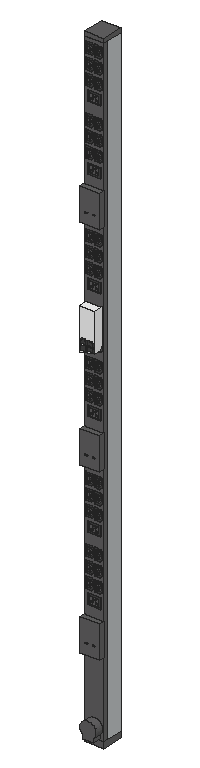
Revit family "Metered PDU 0U", category Installations électriques, Revit 2020
Family settings
  Conserver l'orientation des annotations = Non
  Cote de connecteur circulaire = Utiliser le diamètre
  Type d'élément = Normal
  Numéro OmniClass = 23.80.00.00
  Titre OmniClass = Electric Power and Lighting
  Basée sur le plan de construction = Non
  Toujours verticalement = Oui
  Couper avec des vides une fois chargée = Non
  Partagée = Non
  Point de calcul de pièce = Non
Parameters (values of type "PDU MN 0U 3P 32A 36xC13+6xC19")
  type of voltage = "AC"  # constant formula
  Width (mm) = 52 mm
  Type of electric connection = "CEE 32 A"
  Terminal marking indication = no
  Supply current = "32-32"
  Standby consumption = 0 mA
  RAL Number = "9017"  # constant formula
  Programming way = "Appli Web"  # constant formula
  Profondeur cuve + capot = 57.5 mm
  Prise_alimentation = Alimentation : Prise rotative
  Power frequency = "50-50"  # constant formula
  Position base_node = 942.4 mm
  Number of phases = 3
  Number of MCB = 6
  Number of C19 outlets = 6
  Number of C13 outlets = 36
  Mounting direction = "Vertical"  # constant formula
  Length = 1710 mm
  Legrand part number = "LG-646117"
  IP = "IP40"
  GTIN = "3414972245791"
  Function = "Unit DE DISTRIBUTION D'ENERGIE"  # constant formula
  Fabricant = "LEGRAND"  # constant formula
  Elévation par défaut = 0 mm
  E-catalogue link = "https://www.legrand.fr/reference/646117/pro"
  Description = "PDU HD metered node 0U 3 phase 32A 36+6 C13/C19 locking outlets IEC 60309"
  Depth (mm) = 91.4 mm
  Connectable by internet box = yes
  Color = "Black"  # constant formula
  Cable cross section MIN_MAX = "6-6"
  Base_Node = Base_Node : Node HD
  BIM wording = "Linkeo DATA CENTER BASIC PDU"  # constant formula
  Application class = "EC002762"  # constant formula
  646116_646117 = yes
  646114_646115 = no
  646112_646113 = no
  646110_646111 = no
  646108_646109 = no
  646106_646107 = no
  646104_646105 = no
  646102_646103 = no
Reference planes
  plane 1 "Centre (avant/arrière)": y = 0
  plane 2: z = 0
  plane 3 "Centre (gauche/droite)": x = 0
  plane 4: x = -26
  plane 5: x = 26
  plane 6: y = -57.5
  plane 7: z = 1710
  plane 8: y = -47.5
  plane 9: z = 1699
  plane 10: z = 15
  plane 11: z = 942.4
Forms (mm)
  Extrusion 1, solid, material "LEGRAND - Noir 9017"
    sketch origin (0, 0, 0) x (1, 0, 0) y (0, 1, 0)
      loop
        line (-26, 0) -> (-26, -57.5) -> (26, -57.5) -> (26, 0) -> (-26, 0)
    from 0 to 15
  Extrusion 2, solid, material "LEGRAND - Inox"
    sketch origin (0, 0, 0) x (1, 0, 0) y (0, 1, 0)
      loop
        line (-26, 0) -> (-26, -47.5) -> (26, -47.5) -> (26, 0) -> (-26, 0)
    from 15 to 1699
  Extrusion 3, solid, material "LEGRAND - Noir 9017"
    sketch origin (0, 0, 0) x (1, 0, 0) y (0, 1, 0)
      loop
        line (-26, -47.5) -> (-26, -57.5) -> (26, -57.5) -> (26, -47.5) -> (-26, -47.5)
    from 15 to 1699
  Extrusion 4, solid, material "LEGRAND - Noir 9017"
    sketch origin (0, 0, 0) x (1, 0, 0) y (0, 1, 0)
      loop
        line (-26, 0) -> (-26, -57.5) -> (26, -57.5) -> (26, 0) -> (-26, 0)
    from 1699 to 1710
Dimensions and locks
  equal spacing: plane 5, plane 3 "Centre (gauche/droite)", plane 4
  "Width (mm)": plane 5 to plane 4
  "Profondeur cuve + capot": plane 6 to plane 1 "Centre (avant/arrière)"
  locked: plane 8 to plane 6 at 10
  locked: plane 7 to plane 9 at 11
  locked: plane 10 to plane 2 at 15
  "Length": plane 7 to plane 2
  "Position base_node": plane 11 to plane 2
  aligned and locked: level to plane 2
  aligned and locked: plane 1 "Centre (avant/arrière)" to Extrusion 1 sketch curve
  aligned and locked: Extrusion 1 sketch curve to plane 5
  aligned and locked: plane 4 to Extrusion 1 sketch curve
  aligned and locked: plane 1 "Centre (avant/arrière)" to Extrusion 2 sketch curve
  aligned and locked: Extrusion 2 sketch curve to plane 5
  aligned and locked: plane 8 to Extrusion 2 sketch curve
  aligned and locked: plane 4 to Extrusion 2 sketch curve
  aligned and locked: plane 9 to Extrusion 2
  aligned and locked: plane 4 to Extrusion 3 sketch curve
  aligned and locked: Extrusion 3 sketch curve to plane 5
  aligned and locked: Extrusion 3 sketch curve to plane 8
  aligned and locked: plane 6 to Extrusion 3 sketch curve
  aligned and locked: plane 9 to Extrusion 3
  aligned and locked: plane 6 to Extrusion 1 sketch curve
  aligned and locked: plane 1 "Centre (avant/arrière)" to Extrusion 4 sketch curve
  aligned and locked: Extrusion 4 sketch curve to plane 5
  aligned and locked: plane 6 to Extrusion 4 sketch curve
  aligned and locked: plane 4 to Extrusion 4 sketch curve
  aligned and locked: plane 7 to Extrusion 4
  aligned and locked: Extrusion 4 to plane 9
  aligned and locked: nested 1 to plane 6
  aligned and locked: plane 3 "Centre (gauche/droite)" to nested 1
  aligned and locked: Extrusion 3 to plane 10
  aligned and locked: plane 10 to Extrusion 1
  aligned and locked: Extrusion 1 to plane 2
  aligned and locked: Extrusion 2 to plane 10
  aligned and locked: nested 2 to plane 6
  aligned and locked: plane 3 "Centre (gauche/droite)" to nested 2
  aligned and locked: nested 3 to plane 6
  aligned and locked: plane 3 "Centre (gauche/droite)" to nested 3
  aligned and locked: plane 11 to nested 3
Nested families
  nested 1: "Metered PDU_Prises" at (0, -57.5, 0), type "Metered PDU_Prises", detail levels fine
  nested 2: "Alimentation" at (0, -57.5, 0), type <- "Prise_alimentation", type "Prise rotative"
  nested 3: "Base_Node" at (0, -57.5, 935.753), type <- "Base_Node", type "Node HD"
Connectors
  electrical at (0, -28.75, 0)
    settings: on Extrusion 1, index 1, voltage 0 V, apparent load 0 VA, apparent load phase1 0 VA, apparent load phase2 0 VA, apparent load phase3 0 VA, power factor 1, load classification "Autre", number of poles 1, system type 31, power factor state 1, is connector primary yes, connector utility no, sub classification motor no, connector description ""
Definition of nested family "Metered PDU_Prises"
  Parameters (values of type "Metered PDU_Prises")
    Default Elevation = 0 mm
    646116_646117 = yes
    646114_646115 = no
    646112_646113 = no
    646110_646111 = no
    646108_646109 = no
    646106_646107 = no
    646104_646105 = no
    646102_646103 = no
  Reference planes
    plane 1 "Centre (avant/arrière)": y = 0
    plane 2: z = 0
    plane 3 "Centre (gauche/droite)": x = 0
    plane 4: x = -22.15
    plane 5: x = 22.15
    plane 6: x = 26
    plane 7: x = -26
  Lines and regions (mm)
    model lines, visible <- "646102_646103"
      curve 1: line (-22.15, 0, 999.899) -> (22.139, 0, 999.899)
      curve 2: line (-22.15, 0, 717.851) -> (22.139, 0, 717.851)
      curve 62: line (-22.15, 0, 900.576) -> (22.139, 0, 900.576)
      curve 63: line (-22.15, 0, 801.942) -> (22.139, 0, 801.942)
      curve 64: line (-22.15, 0, 486.781) -> (22.139, 0, 486.781)
      curve 65: line (-22.15, 0, 204.733) -> (22.139, 0, 204.733)
      curve 66: line (-22.15, 0, 586.104) -> (22.139, 0, 586.104)
      curve 67: line (-22.15, 0, 387.458) -> (22.139, 0, 387.458)
      curve 68: line (-22.15, 0, 288.824) -> (22.139, 0, 288.824)
      curve 69: line (-22.15, 0, 70.319) -> (22.139, 0, 70.319)
    model lines, visible <- "646104_646105"
      curve 3: line (-22.148, 0, 1203.535) -> (22.14, 0, 1203.535)
      curve 56: line (-22.148, 0, 223.304) -> (22.14, 0, 223.304)
      curve 57: line (-22.148, 0, 205.177) -> (22.14, 0, 205.177)
      curve 70: line (-22.148, 0, 1104.34) -> (22.14, 0, 1104.34)
      curve 71: line (-22.148, 0, 1038.976) -> (22.14, 0, 1038.976)
      curve 72: line (-22.148, 0, 973.071) -> (22.14, 0, 973.071)
      curve 73: line (-22.15, 0, 889.146) -> (22.139, 0, 889.146)
      curve 74: line (-22.15, 0, 874.109) -> (22.139, 0, 874.109)
      curve 75: line (-22.148, 0, 642.37) -> (22.14, 0, 642.37)
      curve 76: line (-22.148, 0, 543.174) -> (22.14, 0, 543.174)
      curve 77: line (-22.148, 0, 477.811) -> (22.14, 0, 477.811)
      curve 78: line (-22.148, 0, 411.906) -> (22.14, 0, 411.906)
      curve 79: line (-22.15, 0, 327.981) -> (22.139, 0, 327.981)
      curve 80: line (-22.15, 0, 313.525) -> (22.139, 0, 313.525)
      curve 81: line (-22.148, 0, 220.329) -> (22.14, 0, 220.329)
      curve 82: line (-22.148, 0, 70.654) -> (22.14, 0, 70.654)
      curve 115: line (-22.15, 0, 742.609) -> (22.139, 0, 742.609)
    model lines, visible <- "646106_646107"
      curve 4: line (-26, 0, 1326.734) -> (26, 0, 1326.734)
      curve 83: line (-26, 0, 1209.57) -> (26, 0, 1209.57)
      curve 84: line (-26, 0, 1084.307) -> (26, 0, 1084.307)
      curve 85: line (-26, 0, 1084.313) -> (26, 0, 1084.313)
      curve 86: line (-26, 0, 958.245) -> (26, 0, 958.245)
      curve 87: line (-26, 0, 943.24) -> (26, 0, 943.24)
      curve 88: line (-26, 0, 811.875) -> (26, 0, 811.875)
      curve 89: line (-26, 0, 694.133) -> (26, 0, 694.133)
      curve 90: line (-26, 0, 576.969) -> (26, 0, 576.969)
      curve 91: line (-26, 0, 451.706) -> (26, 0, 451.706)
      curve 92: line (-26, 0, 451.712) -> (26, 0, 451.712)
      curve 93: line (-26, 0, 325.644) -> (26, 0, 325.644)
      curve 94: line (-26, 0, 310.377) -> (26, 0, 310.377)
      curve 95: line (-26, 0, 205.008) -> (26, 0, 205.008)
      curve 96: line (-26, 0, 70.533) -> (26, 0, 70.533)
    model lines, visible <- "646108_646109"
      curve 5: line (-26, 0, 1307.778) -> (26, 0, 1307.778)
      curve 6: line (-26, 0, 1190.582) -> (26, 0, 1190.582)
      curve 7: line (-26, 0, 1073.386) -> (26, 0, 1073.386)
      curve 8: line (-26, 0, 948.02) -> (26, 0, 948.02)
      curve 9: line (-26, 0, 684.2) -> (26, 0, 684.2)
      curve 10: line (-26, 0, 567.004) -> (26, 0, 567.004)
      curve 11: line (-26, 0, 449.808) -> (26, 0, 449.808)
      curve 12: line (-26, 0, 324.442) -> (26, 0, 324.442)
      curve 13: line (-26, 0, 801.143) -> (26, 0, 801.143)
      curve 55: line (-26, 0, 309.442) -> (26, 0, 309.442)
      curve 58: line (-26, 0, 203.809) -> (26, 0, 203.809)
      curve 97: line (-26, 0, 69.309) -> (26, 0, 69.309)
      curve 114: line (-26, 0, 933.02) -> (26, 0, 933.02)
    model lines, visible <- "646112_646113"
      curve 14: line (-26, 0, 1635.71) -> (26, 0, 1635.71)
      curve 15: line (-26, 0, 1551.713) -> (26, 0, 1551.713)
      curve 16: line (-26, 0, 1536.716) -> (26, 0, 1536.716)
      curve 17: line (-26, 0, 1458.531) -> (26, 0, 1458.531)
      curve 18: line (-26, 0, 1374.534) -> (26, 0, 1374.534)
      curve 19: line (-26, 0, 1254.195) -> (26, 0, 1254.195)
      curve 20: line (-26, 0, 1176.636) -> (26, 0, 1176.636)
      curve 21: line (-26, 0, 1092.639) -> (26, 0, 1092.639)
      curve 22: line (-26, 0, 946.522) -> (26, 0, 946.522)
      curve 23: line (-26, 0, 868.338) -> (26, 0, 868.338)
      curve 24: line (-26, 0, 784.34) -> (26, 0, 784.34)
      curve 25: line (-26, 0, 1359.537) -> (26, 0, 1359.537)
      curve 26: line (-26, 0, 1077.641) -> (26, 0, 1077.641)
      curve 27: line (-26, 0, 664.358) -> (26, 0, 664.358)
      curve 28: line (-26, 0, 586.174) -> (26, 0, 586.174)
      curve 29: line (-26, 0, 502.177) -> (26, 0, 502.177)
      curve 30: line (-26, 0, 487.179) -> (26, 0, 487.179)
      curve 31: line (-26, 0, 408.995) -> (26, 0, 408.995)
      curve 32: line (-26, 0, 324.998) -> (26, 0, 324.998)
      curve 33: line (-26, 0, 310.001) -> (26, 0, 310.001)
      curve 34: line (-26, 0, 769.343) -> (26, 0, 769.343)
      curve 59: line (-26, 0, 204.368) -> (26, 0, 204.368)
      curve 98: line (-26, 0, 69.868) -> (26, 0, 69.868)
    model lines, visible <- "646116_646117"
      curve 35: line (-26, 0, 1578.322) -> (26, 0, 1578.322)
      curve 36: line (-26, 0, 1536.806) -> (26, 0, 1536.806)
      curve 37: line (-26, 0, 1521.806) -> (26, 0, 1521.806)
      curve 38: line (-26, 0, 1404.215) -> (26, 0, 1404.215)
      curve 39: line (-26, 0, 1362.699) -> (26, 0, 1362.699)
      curve 40: line (-26, 0, 1243.369) -> (26, 0, 1243.369)
      curve 41: line (-26, 0, 1125.778) -> (26, 0, 1125.778)
      curve 42: line (-26, 0, 1084.262) -> (26, 0, 1084.262)
      curve 43: line (-26, 0, 1069.262) -> (26, 0, 1069.262)
      curve 44: line (-26, 0, 937.429) -> (26, 0, 937.429)
      curve 45: line (-26, 0, 819.837) -> (26, 0, 819.837)
      curve 46: line (-26, 0, 778.321) -> (26, 0, 778.321)
      curve 47: line (-26, 0, 658.427) -> (26, 0, 658.427)
      curve 48: line (-26, 0, 540.836) -> (26, 0, 540.836)
      curve 49: line (-26, 0, 499.32) -> (26, 0, 499.32)
      curve 50: line (-26, 0, 484.32) -> (26, 0, 484.32)
      curve 51: line (-26, 0, 366.728) -> (26, 0, 366.728)
      curve 52: line (-26, 0, 325.212) -> (26, 0, 325.212)
      curve 53: line (-26, 0, 310.212) -> (26, 0, 310.212)
      curve 54: line (-26, 0, 205.212) -> (26, 0, 205.212)
      curve 60: line (-26, 0, 763.321) -> (26, 0, 763.321)
      curve 61: line (-26, 0, 1347.699) -> (26, 0, 1347.699)
      curve 99: line (-26, 0, 70.712) -> (26, 0, 70.712)
    model lines, visible <- "646110_646111"
      curve 100: line (-26, 0, 1219.058) -> (26, 0, 1219.058)
      curve 101: line (-26, 0, 1102.104) -> (26, 0, 1102.104)
      curve 102: line (-26, 0, 1018.043) -> (26, 0, 1018.043)
      curve 103: line (-26, 0, 1003.082) -> (26, 0, 1003.082)
      curve 104: line (-26, 0, 871.014) -> (26, 0, 871.014)
      curve 105: line (-26, 0, 754.059) -> (26, 0, 754.059)
      curve 106: line (-26, 0, 637.105) -> (26, 0, 637.105)
      curve 107: line (-26, 0, 553.044) -> (26, 0, 553.044)
      curve 108: line (-26, 0, 538.284) -> (26, 0, 538.284)
      curve 109: line (-26, 0, 421.33) -> (26, 0, 421.33)
      curve 110: line (-26, 0, 304.376) -> (26, 0, 304.376)
      curve 111: line (-26, 0, 220.315) -> (26, 0, 220.315)
      curve 112: line (-26, 0, 205.555) -> (26, 0, 205.555)
      curve 113: line (-26, 0, 71.055) -> (26, 0, 71.055)
    model lines, visible <- "646114_646115"
      curve 116: line (26, 0, 1831.221) -> (-26, 0, 1831.221)
      curve 117: line (26, 0, 1747.283) -> (-26, 0, 1747.283)
      curve 118: line (26, 0, 1732.462) -> (-26, 0, 1732.462)
      curve 119: line (26, 0, 1615.134) -> (-26, 0, 1615.134)
      curve 120: line (26, 0, 1531.195) -> (-26, 0, 1531.195)
      curve 121: line (26, 0, 1516.374) -> (-26, 0, 1516.374)
      curve 122: line (26, 0, 1411.59) -> (-26, 0, 1411.59)
      curve 123: line (26, 0, 1294.262) -> (-26, 0, 1294.262)
      curve 124: line (26, 0, 1210.323) -> (-26, 0, 1210.323)
      curve 125: line (26, 0, 1195.502) -> (-26, 0, 1195.502)
      curve 126: line (26, 0, 1063.607) -> (-26, 0, 1063.607)
      curve 127: line (26, 0, 946.279) -> (-26, 0, 946.279)
      curve 128: line (26, 0, 862.34) -> (-26, 0, 862.34)
      curve 129: line (26, 0, 847.52) -> (-26, 0, 847.52)
      curve 130: line (26, 0, 742.736) -> (-26, 0, 742.736)
      curve 131: line (26, 0, 625.408) -> (-26, 0, 625.408)
      curve 132: line (26, 0, 541.469) -> (-26, 0, 541.469)
      curve 133: line (26, 0, 526.648) -> (-26, 0, 526.648)
      curve 134: line (26, 0, 409.32) -> (-26, 0, 409.32)
      curve 135: line (26, 0, 325.381) -> (-26, 0, 325.381)
      curve 136: line (26, 0, 310.56) -> (-26, 0, 310.56)
      curve 137: line (26, 0, 205.464) -> (-26, 0, 205.464)
      curve 138: line (26, 0, 70.964) -> (-26, 0, 70.964)
  Dimensions and locks
    equal spacing: plane 5, plane 3 "Centre (gauche/droite)", plane 4
    locked: plane 5 to plane 4 at 44.3
    equal spacing: plane 6, plane 3 "Centre (gauche/droite)", plane 7
    plane 7 to plane 6 = 52 mm
    aligned and locked: level to plane 2
  Automatic sketch dimensions
    plane 7 to curve 138 = 0 mm
    plane 7 to curve 137 = 0 mm
    plane 7 to curve 60 = 0 mm
    plane 7 to curve 136 = 0 mm
    plane 7 to curve 135 = 0 mm
    plane 7 to curve 134 = 0 mm
    plane 7 to curve 4 = 0 mm
    plane 7 to curve 133 = 0 mm
    plane 7 to curve 5 = 0 mm
    plane 7 to curve 132 = 0 mm
    plane 7 to curve 6 = 0 mm
    plane 7 to curve 131 = 0 mm
    plane 7 to curve 7 = 0 mm
    plane 7 to curve 130 = 0 mm
    plane 7 to curve 8 = 0 mm
    plane 7 to curve 129 = 0 mm
    plane 7 to curve 9 = 0 mm
    plane 7 to curve 128 = 0 mm
    plane 7 to curve 10 = 0 mm
    plane 7 to curve 127 = 0 mm
    plane 7 to curve 11 = 0 mm
    plane 7 to curve 126 = 0 mm
    plane 7 to curve 12 = 0 mm
    plane 7 to curve 125 = 0 mm
    plane 7 to curve 13 = 0 mm
    plane 7 to curve 124 = 0 mm
    plane 7 to curve 14 = 0 mm
    plane 7 to curve 123 = 0 mm
    plane 7 to curve 15 = 0 mm
    plane 7 to curve 122 = 0 mm
    plane 7 to curve 16 = 0 mm
    plane 7 to curve 121 = 0 mm
    plane 7 to curve 17 = 0 mm
    plane 7 to curve 120 = 0 mm
    plane 7 to curve 18 = 0 mm
    plane 7 to curve 119 = 0 mm
    plane 7 to curve 19 = 0 mm
    plane 7 to curve 118 = 0 mm
    plane 7 to curve 20 = 0 mm
    plane 7 to curve 117 = 0 mm
    plane 7 to curve 21 = 0 mm
    plane 7 to curve 116 = 0 mm
    plane 7 to curve 22 = 0 mm
    plane 7 to curve 59 = 0 mm
    plane 7 to curve 23 = 0 mm
    plane 7 to curve 114 = 0 mm
    plane 7 to curve 24 = 0 mm
    plane 7 to curve 113 = 0 mm
    plane 7 to curve 25 = 0 mm
    plane 7 to curve 112 = 0 mm
    plane 7 to curve 26 = 0 mm
    plane 7 to curve 111 = 0 mm
    plane 7 to curve 27 = 0 mm
    plane 7 to curve 110 = 0 mm
    plane 7 to curve 28 = 0 mm
    plane 7 to curve 109 = 0 mm
    plane 7 to curve 29 = 0 mm
    plane 7 to curve 108 = 0 mm
    plane 7 to curve 30 = 0 mm
    plane 7 to curve 107 = 0 mm
    plane 7 to curve 31 = 0 mm
    plane 7 to curve 106 = 0 mm
    plane 7 to curve 32 = 0 mm
    plane 7 to curve 105 = 0 mm
    plane 7 to curve 33 = 0 mm
    plane 7 to curve 104 = 0 mm
    plane 7 to curve 34 = 0 mm
    plane 7 to curve 103 = 0 mm
    plane 7 to curve 102 = 0 mm
    plane 7 to curve 35 = 0 mm
    plane 7 to curve 101 = 0 mm
    plane 7 to curve 36 = 0 mm
    plane 7 to curve 100 = 0 mm
    plane 7 to curve 37 = 0 mm
    plane 7 to curve 99 = 0 mm
    plane 7 to curve 38 = 0 mm
    plane 7 to curve 98 = 0 mm
    plane 7 to curve 39 = 0 mm
    plane 7 to curve 97 = 0 mm
    plane 7 to curve 40 = 0 mm
    plane 7 to curve 96 = 0 mm
    plane 7 to curve 41 = 0 mm
    plane 7 to curve 95 = 0 mm
    plane 7 to curve 42 = 0 mm
    plane 7 to curve 94 = 0 mm
    plane 7 to curve 43 = 0 mm
    plane 7 to curve 93 = 0 mm
    plane 7 to curve 44 = 0 mm
    plane 7 to curve 92 = 0 mm
    plane 7 to curve 45 = 0 mm
    plane 7 to curve 91 = 0 mm
    plane 7 to curve 46 = 0 mm
    plane 7 to curve 90 = 0 mm
    plane 7 to curve 47 = 0 mm
    plane 7 to curve 89 = 0 mm
    plane 7 to curve 48 = 0 mm
    plane 7 to curve 88 = 0 mm
    plane 7 to curve 49 = 0 mm
    plane 7 to curve 87 = 0 mm
    plane 7 to curve 50 = 0 mm
    plane 7 to curve 86 = 0 mm
    plane 7 to curve 51 = 0 mm
    plane 7 to curve 85 = 0 mm
    plane 7 to curve 52 = 0 mm
    plane 7 to curve 84 = 0 mm
    plane 7 to curve 53 = 0 mm
    plane 7 to curve 83 = 0 mm
    plane 7 to curve 54 = 0 mm
    plane 7 to curve 58 = 0 mm
    plane 7 to curve 55 = 0 mm
    plane 7 to curve 61 = 0 mm
    curve 74 to plane 4 = 0 mm
    curve 73 to plane 4 = 0 mm
    curve 1 to plane 4 = 0 mm
    curve 69 to plane 4 = 0 mm
    curve 80 to plane 4 = 0 mm
    curve 68 to plane 4 = 0 mm
    curve 115 to plane 4 = 0 mm
    curve 67 to plane 4 = 0 mm
    curve 2 to plane 4 = 0 mm
    curve 66 to plane 4 = 0 mm
    curve 79 to plane 4 = 0 mm
    curve 65 to plane 4 = 0 mm
    curve 62 to plane 4 = 0 mm
    curve 64 to plane 4 = 0 mm
    curve 63 to plane 4 = 0 mm
    curve 53 to plane 6 = 0 mm
    curve 83 to plane 6 = 0 mm
    curve 52 to plane 6 = 0 mm
    curve 84 to plane 6 = 0 mm
    curve 51 to plane 6 = 0 mm
    curve 85 to plane 6 = 0 mm
    curve 50 to plane 6 = 0 mm
    curve 86 to plane 6 = 0 mm
    curve 49 to plane 6 = 0 mm
    curve 87 to plane 6 = 0 mm
    curve 48 to plane 6 = 0 mm
    curve 88 to plane 6 = 0 mm
    curve 47 to plane 6 = 0 mm
    curve 89 to plane 6 = 0 mm
    curve 46 to plane 6 = 0 mm
    curve 90 to plane 6 = 0 mm
    curve 45 to plane 6 = 0 mm
    curve 91 to plane 6 = 0 mm
    curve 44 to plane 6 = 0 mm
    curve 92 to plane 6 = 0 mm
    curve 43 to plane 6 = 0 mm
    curve 93 to plane 6 = 0 mm
    curve 42 to plane 6 = 0 mm
    curve 94 to plane 6 = 0 mm
    curve 41 to plane 6 = 0 mm
    curve 95 to plane 6 = 0 mm
    curve 40 to plane 6 = 0 mm
    curve 96 to plane 6 = 0 mm
    curve 39 to plane 6 = 0 mm
    curve 97 to plane 6 = 0 mm
    curve 38 to plane 6 = 0 mm
    curve 98 to plane 6 = 0 mm
    curve 37 to plane 6 = 0 mm
    curve 99 to plane 6 = 0 mm
    curve 36 to plane 6 = 0 mm
    curve 100 to plane 6 = 0 mm
    curve 54 to plane 6 = 0 mm
    curve 101 to plane 6 = 0 mm
    curve 102 to plane 6 = 0 mm
    curve 34 to plane 6 = 0 mm
    curve 103 to plane 6 = 0 mm
    curve 33 to plane 6 = 0 mm
    curve 104 to plane 6 = 0 mm
    curve 32 to plane 6 = 0 mm
    curve 105 to plane 6 = 0 mm
    curve 55 to plane 6 = 0 mm
    curve 106 to plane 6 = 0 mm
    curve 30 to plane 6 = 0 mm
    curve 107 to plane 6 = 0 mm
    curve 29 to plane 6 = 0 mm
    curve 108 to plane 6 = 0 mm
    curve 28 to plane 6 = 0 mm
    curve 109 to plane 6 = 0 mm
    curve 27 to plane 6 = 0 mm
    curve 110 to plane 6 = 0 mm
    curve 26 to plane 6 = 0 mm
    curve 111 to plane 6 = 0 mm
    curve 25 to plane 6 = 0 mm
    curve 112 to plane 6 = 0 mm
    curve 24 to plane 6 = 0 mm
    curve 113 to plane 6 = 0 mm
    curve 23 to plane 6 = 0 mm
    curve 114 to plane 6 = 0 mm
    curve 22 to plane 6 = 0 mm
    curve 58 to plane 6 = 0 mm
    curve 116 to plane 6 = 0 mm
    curve 21 to plane 6 = 0 mm
    curve 117 to plane 6 = 0 mm
    curve 20 to plane 6 = 0 mm
    curve 118 to plane 6 = 0 mm
    curve 19 to plane 6 = 0 mm
    curve 119 to plane 6 = 0 mm
    curve 18 to plane 6 = 0 mm
    curve 120 to plane 6 = 0 mm
    curve 17 to plane 6 = 0 mm
    curve 121 to plane 6 = 0 mm
    curve 16 to plane 6 = 0 mm
    curve 122 to plane 6 = 0 mm
    curve 15 to plane 6 = 0 mm
    curve 123 to plane 6 = 0 mm
    curve 14 to plane 6 = 0 mm
    curve 124 to plane 6 = 0 mm
    curve 13 to plane 6 = 0 mm
    curve 125 to plane 6 = 0 mm
    curve 12 to plane 6 = 0 mm
    curve 126 to plane 6 = 0 mm
    curve 11 to plane 6 = 0 mm
    curve 127 to plane 6 = 0 mm
    curve 10 to plane 6 = 0 mm
    curve 128 to plane 6 = 0 mm
    curve 9 to plane 6 = 0 mm
    curve 129 to plane 6 = 0 mm
    curve 8 to plane 6 = 0 mm
    curve 130 to plane 6 = 0 mm
    curve 7 to plane 6 = 0 mm
    curve 131 to plane 6 = 0 mm
    curve 6 to plane 6 = 0 mm
    curve 132 to plane 6 = 0 mm
    curve 5 to plane 6 = 0 mm
    curve 133 to plane 6 = 0 mm
    curve 4 to plane 6 = 0 mm
    curve 134 to plane 6 = 0 mm
    curve 31 to plane 6 = 0 mm
    curve 135 to plane 6 = 0 mm
    curve 59 to plane 6 = 0 mm
    curve 136 to plane 6 = 0 mm
    curve 60 to plane 6 = 0 mm
    curve 137 to plane 6 = 0 mm
    curve 61 to plane 6 = 0 mm
    curve 138 to plane 6 = 0 mm
    curve 35 to plane 6 = 0 mm
    level to curve 97 = 69.309 mm
    plane 4 to curve 70 = 0.002 mm
    plane 4 to curve 76 = 0.002 mm
    plane 4 to curve 78 = 0.002 mm
    plane 4 to curve 75 = 0.002 mm
    plane 4 to curve 56 = 0.002 mm
    plane 4 to curve 72 = 0.002 mm
    plane 4 to curve 81 = 0.002 mm
    plane 4 to curve 3 = 0.002 mm
    plane 4 to curve 71 = 0.002 mm
    plane 4 to curve 82 = 0.002 mm
    plane 4 to curve 77 = 0.002 mm
    plane 4 to curve 57 = 0.002 mm
    curve 69 to plane 5 = 0.011 mm
    curve 68 to plane 5 = 0.011 mm
    curve 115 to plane 5 = 0.011 mm
    curve 67 to plane 5 = 0.011 mm
    curve 66 to plane 5 = 0.011 mm
    curve 2 to plane 5 = 0.011 mm
    curve 80 to plane 5 = 0.011 mm
    curve 79 to plane 5 = 0.011 mm
    curve 73 to plane 5 = 0.011 mm
    curve 65 to plane 5 = 0.011 mm
    curve 74 to plane 5 = 0.011 mm
    curve 1 to plane 5 = 0.011 mm
    curve 64 to plane 5 = 0.011 mm
    curve 62 to plane 5 = 0.011 mm
    curve 63 to plane 5 = 0.011 mm
    curve 76 to plane 5 = 0.01 mm
    curve 77 to plane 5 = 0.01 mm
    curve 75 to plane 5 = 0.01 mm
    curve 78 to plane 5 = 0.01 mm
    curve 3 to plane 5 = 0.01 mm
    curve 56 to plane 5 = 0.01 mm
    curve 57 to plane 5 = 0.01 mm
    curve 72 to plane 5 = 0.01 mm
    curve 71 to plane 5 = 0.01 mm
    curve 81 to plane 5 = 0.01 mm
    curve 70 to plane 5 = 0.01 mm
    curve 82 to plane 5 = 0.01 mm
    curve 97 to curve 98 = 0.558 mm
    curve 98 to curve 69 = 0.451 mm
    curve 98 to curve 96 = 0.665 mm
    curve 69 to curve 82 = 0.335 mm
    curve 96 to curve 99 = 0.179 mm
    curve 99 to curve 113 = 0.342 mm
    curve 138 to curve 113 = 0.09 mm
    curve 138 to curve 58 = 132.845 mm
    curve 58 to curve 59 = 0.558 mm
    curve 59 to curve 65 = 0.365 mm
    curve 59 to curve 95 = 0.64 mm
    curve 65 to curve 57 = 0.444 mm
    curve 95 to curve 54 = 0.205 mm
    curve 54 to curve 112 = 0.342 mm
    curve 137 to curve 112 = 0.09 mm
    curve 137 to curve 111 = 14.851 mm
    curve 111 to curve 81 = 0.014 mm
    curve 81 to curve 56 = 2.975 mm
    curve 56 to curve 68 = 65.52 mm
    curve 68 to curve 110 = 15.552 mm
    curve 110 to curve 55 = 5.066 mm
    curve 55 to curve 33 = 0.558 mm
    curve 33 to curve 53 = 0.212 mm
    curve 53 to curve 94 = 0.165 mm
    curve 94 to curve 136 = 0.183 mm
    curve 136 to curve 80 = 2.965 mm
    curve 80 to curve 12 = 10.917 mm
    curve 12 to curve 32 = 0.556 mm
    curve 32 to curve 52 = 0.214 mm
    curve 52 to curve 135 = 0.169 mm
    curve 135 to curve 93 = 0.263 mm
    curve 93 to curve 79 = 2.336 mm
    curve 79 to curve 51 = 38.747 mm
    curve 51 to curve 67 = 20.73 mm
    curve 67 to curve 31 = 21.537 mm
    curve 31 to curve 134 = 0.325 mm
    curve 134 to curve 78 = 2.586 mm
    curve 78 to curve 109 = 9.424 mm
    curve 109 to curve 11 = 28.478 mm
    curve 11 to curve 91 = 1.898 mm
    curve 91 to curve 92 = 0.006 mm
    curve 92 to curve 77 = 26.099 mm
    curve 77 to curve 50 = 6.509 mm
    curve 50 to curve 64 = 2.462 mm
    curve 50 to curve 30 = 2.86 mm
    curve 30 to curve 49 = 12.14 mm
    curve 49 to curve 29 = 2.857 mm
    curve 29 to curve 133 = 24.471 mm
    curve 133 to curve 108 = 11.636 mm
    curve 108 to curve 48 = 2.551 mm
    curve 48 to curve 132 = 0.634 mm
    curve 132 to curve 76 = 1.705 mm
    curve 76 to curve 107 = 9.87 mm
    curve 107 to curve 10 = 13.96 mm
    curve 10 to curve 90 = 9.965 mm
    curve 90 to curve 66 = 9.135 mm
    curve 66 to curve 28 = 0.07 mm
    curve 28 to curve 131 = 39.234 mm
    curve 131 to curve 106 = 11.697 mm
    curve 106 to curve 75 = 5.264 mm
    curve 75 to curve 47 = 16.057 mm
    curve 47 to curve 27 = 5.931 mm
    curve 27 to curve 9 = 19.842 mm
    curve 9 to curve 89 = 9.932 mm
    curve 89 to curve 2 = 23.718 mm
    curve 2 to curve 115 = 24.759 mm
    curve 115 to curve 130 = 0.127 mm
    curve 130 to curve 105 = 11.323 mm
    curve 105 to curve 60 = 9.262 mm
    curve 60 to curve 34 = 6.021 mm
    curve 34 to curve 46 = 8.979 mm
    curve 46 to curve 24 = 6.019 mm
    curve 24 to curve 13 = 16.802 mm
    curve 13 to curve 63 = 0.799 mm
    curve 63 to curve 88 = 9.934 mm
    curve 88 to curve 45 = 7.962 mm
    curve 45 to curve 129 = 27.682 mm
    curve 129 to curve 128 = 14.821 mm
    curve 128 to curve 23 = 5.997 mm
    curve 23 to curve 104 = 2.676 mm
    curve 104 to curve 74 = 3.096 mm
    curve 74 to curve 73 = 15.037 mm
    curve 73 to curve 62 = 11.43 mm
    curve 62 to curve 114 = 32.443 mm
    curve 114 to curve 44 = 4.409 mm
    curve 44 to curve 87 = 5.811 mm
    curve 87 to curve 127 = 3.039 mm
    curve 127 to curve 22 = 0.242 mm
    curve 22 to curve 8 = 1.498 mm
    curve 8 to curve 86 = 10.226 mm
    curve 86 to curve 72 = 14.826 mm
    curve 72 to curve 1 = 26.828 mm
    curve 1 to curve 103 = 3.183 mm
    curve 103 to curve 102 = 14.96 mm
    curve 102 to curve 71 = 20.933 mm
    curve 71 to curve 126 = 24.631 mm
    curve 126 to curve 43 = 5.654 mm
    curve 43 to curve 7 = 4.124 mm
    curve 7 to curve 26 = 4.256 mm
    curve 26 to curve 42 = 6.62 mm
    curve 42 to curve 84 = 0.046 mm
    curve 84 to curve 85 = 0.006 mm
    curve 85 to curve 21 = 8.326 mm
    curve 21 to curve 101 = 9.465 mm
    curve 101 to curve 70 = 2.236 mm
    curve 70 to curve 41 = 21.438 mm
    curve 41 to curve 20 = 50.859 mm
    curve 20 to curve 6 = 13.945 mm
    curve 6 to curve 125 = 4.921 mm
    curve 125 to curve 3 = 8.033 mm
    curve 3 to curve 83 = 6.035 mm
    curve 83 to curve 124 = 0.753 mm
    curve 124 to curve 100 = 8.735 mm
    curve 100 to curve 40 = 24.311 mm
    curve 40 to curve 19 = 10.826 mm
    curve 19 to curve 123 = 40.067 mm
    curve 123 to curve 5 = 13.515 mm
    curve 5 to curve 4 = 18.956 mm
    curve 4 to curve 61 = 20.966 mm
    curve 61 to curve 25 = 11.838 mm
    curve 25 to curve 39 = 3.162 mm
    curve 39 to curve 18 = 11.835 mm
    curve 18 to curve 38 = 29.681 mm
    curve 38 to curve 122 = 7.375 mm
    curve 122 to curve 17 = 46.941 mm
    curve 17 to curve 121 = 57.842 mm
    curve 121 to curve 37 = 5.433 mm
    curve 37 to curve 120 = 9.388 mm
    curve 120 to curve 16 = 5.521 mm
    curve 16 to curve 36 = 0.091 mm
    curve 36 to curve 15 = 14.906 mm
    curve 15 to curve 35 = 26.61 mm
    curve 35 to curve 119 = 36.811 mm
    curve 119 to curve 14 = 20.577 mm
    curve 14 to curve 118 = 96.751 mm
    curve 118 to curve 117 = 14.821 mm
    curve 117 to curve 116 = 83.939 mm
  Nested families
    nested 1: "Prise ronde simple" at (0, 0, 1079.253), visible <- "646102_646103", type "Prise ronde simple"
    nested 2: "Prise ronde double" at (0, 0, 1401.599), visible <- "646108_646109", type "Prise ronde double"
    nested 3: "Prise ronde double" at (0, 0, 1313.013), visible <- "646110_646111", type "Prise ronde double"
    nested 4: "Prise ronde simple" at (0, 0, 1046.926), visible <- "646102_646103", type "Prise ronde simple"
    nested 5: "Prise ronde simple" at (0.002, 0, 1283.288), visible <- "646104_646105", type "Prise ronde simple"
    nested 6: "Prise ronde simple" at (0.002, 0, 1250.336), visible <- "646104_646105", type "Prise ronde simple"
    nested 7: "Prise ronde simple" at (0.002, 0, 1217.383), visible <- "646104_646105", type "Prise ronde simple"
    nested 8: "Prise ronde double" at (0, 0, 1421.655), visible <- "646106_646107", type "Prise ronde double"
    nested 9: "Prise ronde double" at (0, 0, 1382.708), visible <- "646106_646107", type "Prise ronde double"
    nested 10: "Prise ronde double" at (0, 0, 1343.761), visible <- "646106_646107", type "Prise ronde double"
    nested 11: "Prise ronde double" at (0, 0, 1363.419), visible <- "646108_646109", type "Prise ronde double"
    nested 12: "Prise ronde double" at (0, 0, 1325.188), visible <- "646108_646109", type "Prise ronde double"
    nested 13: "Prise ronde double" at (0, 0, 1284.403), visible <- "646108_646109", type "Prise ronde double"
    nested 14: "Prise ronde double" at (0, 0, 1246.223), visible <- "646108_646109", type "Prise ronde double"
    nested 15: "Prise ronde double" at (0, 0, 1207.992), visible <- "646108_646109", type "Prise ronde double"
    nested 16: "Prise ronde double" at (0, 0, 1167.207), visible <- "646108_646109", type "Prise ronde double"
    nested 17: "Prise ronde double" at (0, 0, 1129.027), visible <- "646108_646109", type "Prise ronde double"
    nested 18: "Prise ronde double" at (0, 0, 1090.796), visible <- "646108_646109", type "Prise ronde double"
    nested 19: "Prise rectangulaire" at (0, 0, 1051.426), visible <- "646108_646109", type "Prise rectangulaire"
    nested 20: "Prise rectangulaire" at (0, 0, 1010.176), visible <- "646108_646109", type "Prise rectangulaire"
    nested 21: "Prise rectangulaire" at (0, 0, 968.926), visible <- "646108_646109", type "Prise rectangulaire"
    nested 22: "Prise ronde double" at (0, 0, 778.021), visible <- "646108_646109", type "Prise ronde double"
    nested 23: "Prise ronde double" at (0, 0, 739.842), visible <- "646108_646109", type "Prise ronde double"
    nested 24: "Prise ronde double" at (0, 0, 701.61), visible <- "646108_646109", type "Prise ronde double"
    nested 25: "Prise ronde double" at (0, 0, 660.825), visible <- "646108_646109", type "Prise ronde double"
    nested 26: "Prise ronde double" at (0, 0, 622.646), visible <- "646108_646109", type "Prise ronde double"
    nested 27: "Prise ronde double" at (0, 0, 584.414), visible <- "646108_646109", type "Prise ronde double"
    nested 28: "Prise ronde double" at (0, 0, 543.629), visible <- "646108_646109", type "Prise ronde double"
    nested 29: "Prise ronde double" at (0, 0, 505.45), visible <- "646108_646109", type "Prise ronde double"
    nested 30: "Prise ronde double" at (0, 0, 467.218), visible <- "646108_646109", type "Prise ronde double"
    nested 31: "Prise rectangulaire" at (0, 0, 427.849), visible <- "646108_646109", type "Prise rectangulaire"
    nested 32: "Prise rectangulaire" at (0, 0, 386.599), visible <- "646108_646109", type "Prise rectangulaire"
    nested 33: "Prise rectangulaire" at (0, 0, 345.349), visible <- "646108_646109", type "Prise rectangulaire"
    nested 34: "Prise ronde double" at (0, 0, 1690.683), visible <- "646112_646113", type "Prise ronde double"
    nested 35: "Prise ronde double" at (0, 0, 1651.746), visible <- "646112_646113", type "Prise ronde double"
    nested 36: "Prise rectangulaire" at (0, 0, 1613.745), visible <- "646112_646113", type "Prise rectangulaire"
    nested 37: "Prise rectangulaire" at (0, 0, 1571.87), visible <- "646112_646113", type "Prise rectangulaire"
    nested 38: "Prise ronde double" at (0, 0, 1513.504), visible <- "646112_646113", type "Prise ronde double"
    nested 39: "Prise ronde double" at (0, 0, 1474.567), visible <- "646112_646113", type "Prise ronde double"
    nested 40: "Prise rectangulaire" at (0, 0, 1436.567), visible <- "646112_646113", type "Prise rectangulaire"
    nested 41: "Prise rectangulaire" at (0, 0, 1394.692), visible <- "646112_646113", type "Prise rectangulaire"
    nested 42: "Prise ronde double" at (0, 0, 1231.609), visible <- "646112_646113", type "Prise ronde double"
    nested 43: "Prise ronde double" at (0, 0, 1192.672), visible <- "646112_646113", type "Prise ronde double"
    nested 44: "Prise rectangulaire" at (0, 0, 1154.671), visible <- "646112_646113", type "Prise rectangulaire"
    nested 45: "Prise rectangulaire" at (0, 0, 1112.796), visible <- "646112_646113", type "Prise rectangulaire"
    nested 46: "Prise ronde double" at (0, 0, 923.31), visible <- "646112_646113", type "Prise ronde double"
    nested 47: "Prise ronde double" at (0, 0, 884.373), visible <- "646112_646113", type "Prise ronde double"
    nested 48: "Prise rectangulaire" at (0, 0, 846.373), visible <- "646112_646113", type "Prise rectangulaire"
    nested 49: "Prise rectangulaire" at (0, 0, 804.498), visible <- "646112_646113", type "Prise rectangulaire"
    nested 50: "Prise ronde double" at (0, 0, 641.147), visible <- "646112_646113", type "Prise ronde double"
    nested 51: "Prise ronde double" at (0, 0, 602.21), visible <- "646112_646113", type "Prise ronde double"
    nested 52: "Prise rectangulaire" at (0, 0, 564.209), visible <- "646112_646113", type "Prise rectangulaire"
    nested 53: "Prise rectangulaire" at (0, 0, 522.334), visible <- "646112_646113", type "Prise rectangulaire"
    nested 54: "Prise ronde double" at (0, 0, 463.968), visible <- "646112_646113", type "Prise ronde double"
    nested 55: "Prise ronde double" at (0, 0, 425.031), visible <- "646112_646113", type "Prise ronde double"
    nested 56: "Prise rectangulaire" at (0, 0, 387.031), visible <- "646112_646113", type "Prise rectangulaire"
    nested 57: "Prise rectangulaire" at (0, 0, 345.156), visible <- "646112_646113", type "Prise rectangulaire"
    nested 58: "Prise ronde double" at (0, 0, 1925.334), visible <- "646114_646115", type "Prise ronde double"
    nested 59: "Prise ronde double" at (0, 0, 1672.989), visible <- "646116_646117", type "Prise ronde double"
    nested 60: "Prise ronde double" at (0, 0, 1634.093), visible <- "646116_646117", type "Prise ronde double"
    nested 61: "Prise ronde double" at (0, 0, 1595.196), visible <- "646116_646117", type "Prise ronde double"
    nested 62: "Prise rectangulaire" at (0, 0, 1557.071), visible <- "646116_646117", type "Prise rectangulaire"
    nested 63: "Prise ronde double" at (0, 0, 1498.881), visible <- "646116_646117", type "Prise ronde double"
    nested 64: "Prise ronde double" at (0, 0, 1459.985), visible <- "646116_646117", type "Prise ronde double"
    nested 65: "Prise ronde double" at (0, 0, 1421.089), visible <- "646116_646117", type "Prise ronde double"
    nested 66: "Prise rectangulaire" at (0, 0, 1382.964), visible <- "646116_646117", type "Prise rectangulaire"
    nested 67: "Prise ronde double" at (0, 0, 1220.444), visible <- "646116_646117", type "Prise ronde double"
    nested 68: "Prise ronde double" at (0, 0, 1181.548), visible <- "646116_646117", type "Prise ronde double"
    nested 69: "Prise ronde double" at (0, 0, 1142.651), visible <- "646116_646117", type "Prise ronde double"
    nested 70: "Prise rectangulaire" at (0, 0, 1104.526), visible <- "646116_646117", type "Prise rectangulaire"
    nested 71: "Prise ronde double" at (0, 0, 914.504), visible <- "646116_646117", type "Prise ronde double"
    nested 72: "Prise ronde double" at (0, 0, 875.607), visible <- "646116_646117", type "Prise ronde double"
    nested 73: "Prise ronde double" at (0, 0, 836.711), visible <- "646116_646117", type "Prise ronde double"
    nested 74: "Prise rectangulaire" at (0, 0, 798.586), visible <- "646116_646117", type "Prise rectangulaire"
    nested 75: "Prise ronde double" at (0, 0, 635.502), visible <- "646116_646117", type "Prise ronde double"
    nested 76: "Prise ronde double" at (0, 0, 596.606), visible <- "646116_646117", type "Prise ronde double"
    nested 77: "Prise ronde double" at (0, 0, 557.709), visible <- "646116_646117", type "Prise ronde double"
    nested 78: "Prise rectangulaire" at (0, 0, 519.584), visible <- "646116_646117", type "Prise rectangulaire"
    nested 79: "Prise ronde double" at (0, 0, 461.395), visible <- "646116_646117", type "Prise ronde double"
    nested 80: "Prise ronde double" at (0, 0, 422.498), visible <- "646116_646117", type "Prise ronde double"
    nested 81: "Prise ronde double" at (0, 0, 383.602), visible <- "646116_646117", type "Prise ronde double"
    nested 82: "Prise rectangulaire" at (0, 0, 345.477), visible <- "646116_646117", type "Prise rectangulaire"
    nested 83: "Module A" at (0, 0, 222.588), visible <- "646104_646105", type "Module A"
    nested 84: "Module C" at (0, 0, 218.364), visible <- "646106_646107", type "Module D"
    nested 85: "Module C" at (0, 0, 218.448), visible <- "646108_646109", type "Module D"
    nested 86: "Module C" at (0, 0, 218.747), visible <- "646112_646113", type "Module D"
    nested 87: "Module C" at (0, 0, 678.089), visible <- "646112_646113", type "Module D"
    nested 88: "Module C" at (0, 0, 1268.283), visible <- "646112_646113", type "Module D"
    nested 89: "Module C" at (0, 0, 1424.905), visible <- "646114_646115", type "Module D"
    nested 90: "Module C" at (0, 0, 218.952), visible <- "646116_646117", type "Module D"
    nested 91: "Module C" at (0, 0, 672.061), visible <- "646116_646117", type "Module D"
    nested 92: "Module C" at (0, 0, 1256.439), visible <- "646116_646117", type "Module D"
    nested 93: "Prise ronde simple" at (0, 0, 1013.348), visible <- "646102_646103", type "Prise ronde simple"
    nested 94: "Prise ronde simple" at (0, 0, 979.93), visible <- "646102_646103", type "Prise ronde simple"
    nested 95: "Prise ronde simple" at (0, 0, 947.603), visible <- "646102_646103", type "Prise ronde simple"
    nested 96: "Prise ronde simple" at (0, 0, 914.025), visible <- "646102_646103", type "Prise ronde simple"
    nested 97: "Prise ronde simple" at (0, 0, 881.296), visible <- "646102_646103", type "Prise ronde simple"
    nested 98: "Prise ronde simple" at (0, 0, 848.968), visible <- "646102_646103", type "Prise ronde simple"
    nested 99: "Prise ronde simple" at (0, 0, 815.39), visible <- "646102_646103", type "Prise ronde simple"
    nested 100: "Prise rectangulaire" at (0, 0, 780.287), visible <- "646102_646103", type "Prise rectangulaire"
    nested 101: "Prise rectangulaire" at (0, 0, 737.787), visible <- "646102_646103", type "Prise rectangulaire"
    nested 102: "Prise ronde simple" at (0, 0, 566.135), visible <- "646102_646103", type "Prise ronde simple"
    nested 103: "Prise ronde simple" at (0, 0, 533.808), visible <- "646102_646103", type "Prise ronde simple"
    nested 104: "Prise ronde simple" at (0, 0, 500.23), visible <- "646102_646103", type "Prise ronde simple"
    nested 105: "Prise ronde simple" at (0, 0, 466.812), visible <- "646102_646103", type "Prise ronde simple"
    nested 106: "Prise ronde simple" at (0, 0, 434.485), visible <- "646102_646103", type "Prise ronde simple"
    nested 107: "Prise ronde simple" at (0, 0, 400.907), visible <- "646102_646103", type "Prise ronde simple"
    nested 108: "Prise ronde simple" at (0, 0, 368.178), visible <- "646102_646103", type "Prise ronde simple"
    nested 109: "Prise ronde simple" at (0, 0, 335.85), visible <- "646102_646103", type "Prise ronde simple"
    nested 110: "Prise ronde simple" at (0, 0, 302.273), visible <- "646102_646103", type "Prise ronde simple"
    nested 111: "Prise rectangulaire" at (0, 0, 267.169), visible <- "646102_646103", type "Prise rectangulaire"
    nested 112: "Prise rectangulaire" at (0, 0, 224.669), visible <- "646102_646103", type "Prise rectangulaire"
    nested 113: "Prise ronde simple" at (0.002, 0, 1184.093), visible <- "646104_646105", type "Prise ronde simple"
    nested 114: "Prise ronde simple" at (0.002, 0, 1151.141), visible <- "646104_646105", type "Prise ronde simple"
    nested 115: "Prise ronde simple" at (0.002, 0, 1118.188), visible <- "646104_646105", type "Prise ronde simple"
    nested 116: "Prise ronde simple" at (0.002, 0, 1085.21), visible <- "646104_646105", type "Prise ronde simple"
    nested 117: "Prise ronde simple" at (0.002, 0, 1052.258), visible <- "646104_646105", type "Prise ronde simple"
    nested 118: "Prise ronde simple" at (0.002, 0, 1019.305), visible <- "646104_646105", type "Prise ronde simple"
    nested 119: "Prise ronde simple" at (0.002, 0, 986.353), visible <- "646104_646105", type "Prise ronde simple"
    nested 120: "Prise rectangulaire" at (0, 0, 951.236), visible <- "646104_646105", type "Prise rectangulaire"
    nested 121: "Prise rectangulaire" at (0, 0, 909.436), visible <- "646104_646105", type "Prise rectangulaire"
    nested 122: "Prise ronde simple" at (0.002, 0, 722.123), visible <- "646104_646105", type "Prise ronde simple"
    nested 123: "Prise ronde simple" at (0.002, 0, 689.171), visible <- "646104_646105", type "Prise ronde simple"
    nested 124: "Prise ronde simple" at (0.002, 0, 656.218), visible <- "646104_646105", type "Prise ronde simple"
    nested 125: "Prise ronde simple" at (0.002, 0, 622.928), visible <- "646104_646105", type "Prise ronde simple"
    nested 126: "Prise ronde simple" at (0.002, 0, 589.975), visible <- "646104_646105", type "Prise ronde simple"
    nested 127: "Prise ronde simple" at (0.002, 0, 557.023), visible <- "646104_646105", type "Prise ronde simple"
    nested 128: "Prise ronde simple" at (0.002, 0, 524.045), visible <- "646104_646105", type "Prise ronde simple"
    nested 129: "Prise ronde simple" at (0.002, 0, 491.092), visible <- "646104_646105", type "Prise ronde simple"
    nested 130: "Prise ronde simple" at (0.002, 0, 458.14), visible <- "646104_646105", type "Prise ronde simple"
    nested 131: "Prise ronde simple" at (0.002, 0, 425.187), visible <- "646104_646105", type "Prise ronde simple"
    nested 132: "Prise rectangulaire" at (0, 0, 390.07), visible <- "646104_646105", type "Prise rectangulaire"
    nested 133: "Prise rectangulaire" at (0, 0, 348.271), visible <- "646104_646105", type "Prise rectangulaire"
    nested 134: "Prise ronde double" at (0, 0, 1304.491), visible <- "646106_646107", type "Prise ronde double"
    nested 135: "Prise ronde double" at (0, 0, 1265.544), visible <- "646106_646107", type "Prise ronde double"
    nested 136: "Prise ronde double" at (0, 0, 1226.597), visible <- "646106_646107", type "Prise ronde double"
    nested 137: "Prise rectangulaire" at (0, 0, 1188.4), visible <- "646106_646107", type "Prise rectangulaire"
    nested 138: "Prise rectangulaire" at (0, 0, 1146.325), visible <- "646106_646107", type "Prise rectangulaire"
    nested 139: "Prise rectangulaire" at (0, 0, 1104.25), visible <- "646106_646107", type "Prise rectangulaire"
    nested 140: "Prise rectangulaire" at (0, 0, 1061.893), visible <- "646106_646107", type "Prise rectangulaire"
    nested 141: "Prise rectangulaire" at (0, 0, 1019.818), visible <- "646106_646107", type "Prise rectangulaire"
    nested 142: "Prise rectangulaire" at (0, 0, 977.743), visible <- "646106_646107", type "Prise rectangulaire"
    nested 143: "Prise ronde double" at (0, 0, 789.054), visible <- "646106_646107", type "Prise ronde double"
    nested 144: "Prise ronde double" at (0, 0, 750.107), visible <- "646106_646107", type "Prise ronde double"
    nested 145: "Prise ronde double" at (0, 0, 711.16), visible <- "646106_646107", type "Prise ronde double"
    nested 146: "Prise ronde double" at (0, 0, 671.89), visible <- "646106_646107", type "Prise ronde double"
    nested 147: "Prise ronde double" at (0, 0, 632.943), visible <- "646106_646107", type "Prise ronde double"
    nested 148: "Prise ronde double" at (0, 0, 593.997), visible <- "646106_646107", type "Prise ronde double"
    nested 149: "Prise rectangulaire" at (0, 0, 555.8), visible <- "646106_646107", type "Prise rectangulaire"
    nested 150: "Prise rectangulaire" at (0, 0, 513.725), visible <- "646106_646107", type "Prise rectangulaire"
    nested 151: "Prise rectangulaire" at (0, 0, 471.649), visible <- "646106_646107", type "Prise rectangulaire"
    nested 152: "Prise rectangulaire" at (0, 0, 429.292), visible <- "646106_646107", type "Prise rectangulaire"
    nested 153: "Prise rectangulaire" at (0, 0, 387.217), visible <- "646106_646107", type "Prise rectangulaire"
    nested 154: "Prise rectangulaire" at (0, 0, 345.142), visible <- "646106_646107", type "Prise rectangulaire"
    nested 155: "Prise ronde double" at (0, 0, 1274.01), visible <- "646110_646111", type "Prise ronde double"
    nested 156: "Prise ronde double" at (0, 0, 1235.006), visible <- "646110_646111", type "Prise ronde double"
    nested 157: "Prise ronde double" at (0, 0, 1196.059), visible <- "646110_646111", type "Prise ronde double"
    nested 158: "Prise ronde double" at (0, 0, 1157.056), visible <- "646110_646111", type "Prise ronde double"
    nested 159: "Prise ronde double" at (0, 0, 1118.052), visible <- "646110_646111", type "Prise ronde double"
    nested 160: "Prise rectangulaire" at (0, 0, 1080.043), visible <- "646110_646111", type "Prise rectangulaire"
    nested 161: "Prise rectangulaire" at (0, 0, 1038.102), visible <- "646110_646111", type "Prise rectangulaire"
    nested 162: "Prise ronde double" at (0, 0, 848.015), visible <- "646110_646111", type "Prise ronde double"
    nested 163: "Prise ronde double" at (0, 0, 809.011), visible <- "646110_646111", type "Prise ronde double"
    nested 164: "Prise ronde double" at (0, 0, 770.008), visible <- "646110_646111", type "Prise ronde double"
    nested 165: "Prise ronde double" at (0, 0, 731.061), visible <- "646110_646111", type "Prise ronde double"
    nested 166: "Prise ronde double" at (0, 0, 692.057), visible <- "646110_646111", type "Prise ronde double"
    nested 167: "Prise ronde double" at (0, 0, 653.054), visible <- "646110_646111", type "Prise ronde double"
    nested 168: "Prise rectangulaire" at (0, 0, 615.044), visible <- "646110_646111", type "Prise rectangulaire"
    nested 169: "Prise rectangulaire" at (0, 0, 573.103), visible <- "646110_646111", type "Prise rectangulaire"
    nested 170: "Prise ronde double" at (0, 0, 515.285), visible <- "646110_646111", type "Prise ronde double"
    nested 171: "Prise ronde double" at (0, 0, 476.282), visible <- "646110_646111", type "Prise ronde double"
    nested 172: "Prise ronde double" at (0, 0, 437.278), visible <- "646110_646111", type "Prise ronde double"
    nested 173: "Prise ronde double" at (0, 0, 398.331), visible <- "646110_646111", type "Prise ronde double"
    nested 174: "Prise ronde double" at (0, 0, 359.328), visible <- "646110_646111", type "Prise ronde double"
    nested 175: "Prise ronde double" at (0, 0, 320.324), visible <- "646110_646111", type "Prise ronde double"
    nested 176: "Prise rectangulaire" at (0, 0, 282.315), visible <- "646110_646111", type "Prise rectangulaire"
    nested 177: "Prise rectangulaire" at (0, 0, 240.374), visible <- "646110_646111", type "Prise rectangulaire"
    nested 178: "Prise ronde double" at (0, 0, 1886.258), visible <- "646114_646115", type "Prise ronde double"
    nested 179: "Prise ronde double" at (0, 0, 1847.182), visible <- "646114_646115", type "Prise ronde double"
    nested 180: "Prise rectangulaire" at (0, 0, 1809.25), visible <- "646114_646115", type "Prise rectangulaire"
    nested 181: "Prise rectangulaire" at (0, 0, 1767.298), visible <- "646114_646115", type "Prise rectangulaire"
    nested 182: "Prise ronde double" at (0, 0, 1709.246), visible <- "646114_646115", type "Prise ronde double"
    nested 183: "Prise ronde double" at (0, 0, 1670.17), visible <- "646114_646115", type "Prise ronde double"
    nested 184: "Prise ronde double" at (0, 0, 1631.094), visible <- "646114_646115", type "Prise ronde double"
    nested 185: "Prise rectangulaire" at (0, 0, 1593.162), visible <- "646114_646115", type "Prise rectangulaire"
    nested 186: "Prise rectangulaire" at (0, 0, 1551.21), visible <- "646114_646115", type "Prise rectangulaire"
    nested 187: "Prise ronde double" at (0, 0, 1388.374), visible <- "646114_646115", type "Prise ronde double"
    nested 188: "Prise ronde double" at (0, 0, 1349.298), visible <- "646114_646115", type "Prise ronde double"
    nested 189: "Prise ronde double" at (0, 0, 1310.222), visible <- "646114_646115", type "Prise ronde double"
    nested 190: "Prise rectangulaire" at (0, 0, 1272.291), visible <- "646114_646115", type "Prise rectangulaire"
    nested 191: "Prise rectangulaire" at (0, 0, 1230.338), visible <- "646114_646115", type "Prise rectangulaire"
    nested 192: "Module C" at (0, 0, 756.05), visible <- "646114_646115", type "Module D"
    nested 193: "Prise ronde double" at (0, 0, 1040.391), visible <- "646114_646115", type "Prise ronde double"
    nested 194: "Prise ronde double" at (0, 0, 1001.315), visible <- "646114_646115", type "Prise ronde double"
    nested 195: "Prise ronde double" at (0, 0, 962.239), visible <- "646114_646115", type "Prise ronde double"
    nested 196: "Prise rectangulaire" at (0, 0, 924.308), visible <- "646114_646115", type "Prise rectangulaire"
    nested 197: "Prise rectangulaire" at (0, 0, 882.356), visible <- "646114_646115", type "Prise rectangulaire"
    nested 198: "Prise ronde double" at (0, 0, 719.52), visible <- "646114_646115", type "Prise ronde double"
    nested 199: "Prise ronde double" at (0, 0, 680.444), visible <- "646114_646115", type "Prise ronde double"
    nested 200: "Prise ronde double" at (0, 0, 641.368), visible <- "646114_646115", type "Prise ronde double"
    nested 201: "Prise rectangulaire" at (0, 0, 603.436), visible <- "646114_646115", type "Prise rectangulaire"
    nested 202: "Prise rectangulaire" at (0, 0, 561.484), visible <- "646114_646115", type "Prise rectangulaire"
    nested 203: "Prise ronde double" at (0, 0, 503.432), visible <- "646114_646115", type "Prise ronde double"
    nested 204: "Prise ronde double" at (0, 0, 464.356), visible <- "646114_646115", type "Prise ronde double"
    nested 205: "Prise ronde double" at (0, 0, 425.28), visible <- "646114_646115", type "Prise ronde double"
    nested 206: "Prise rectangulaire" at (0, 0, 387.348), visible <- "646114_646115", type "Prise rectangulaire"
    nested 207: "Prise rectangulaire" at (0, 0, 345.396), visible <- "646114_646115", type "Prise rectangulaire"
    nested 208: "Module C" at (0, 0, 219.091), visible <- "646114_646115", type "Module D"
  Definition of nested family "Prise ronde simple"
    Parameters (values of type "Prise ronde simple")
      Default Elevation = 0 mm
    Reference planes
      plane 1 "Centre (avant/arrière)": y = 0
      plane 2: z = 0
      plane 3 "Centre (gauche/droite)": x = 0
    Forms (mm)
      Extrusion 1, solid
        sketch origin (0, 0, -932.082) x (1, 0, 0) y (0, 0, 1)
          loop
            line (-14.802, 936.843) -> (-14.802, 921.277) -> (14.802, 921.277) -> (14.802, 936.84) -> (8.758, 942.883) -> (-8.761, 942.883) -> (-14.802, 936.843)
          loop
            line (-11.433, 924.249) -> (11.43, 924.249) -> (11.43, 934.387) -> (5.608, 939.911) -> (-5.611, 939.911) -> (-11.433, 934.387) -> (-11.433, 924.249)
          loop
            line (-5.68, 927.459) -> (-5.68, 932.702) -> (-8.323, 932.702) -> (-8.323, 927.459) -> (-5.68, 927.459)
          loop
            line (-1.323, 936.702) -> (-1.323, 931.459) -> (1.32, 931.459) -> (1.32, 936.702) -> (-1.323, 936.702)
          loop
            line (5.677, 932.702) -> (5.677, 927.459) -> (8.32, 927.459) -> (8.32, 932.702) -> (5.677, 932.702)
        from 0 to 1
    Dimensions and locks
      aligned and locked: level to plane 2
  Definition of nested family "Prise ronde double"
    Parameters (values of type "Prise ronde double")
      Default Elevation = 0 mm
    Reference planes
      plane 1 "Centre (avant/arrière)": y = 0
      plane 2: z = 0
      plane 3 "Centre (gauche/droite)": x = 0
    Forms (mm)
      Extrusion 1, solid
        sketch origin (0, 0, -932.082) x (1, 0, 0) y (0, 0, 1)
          loop
            line (-7.233, 946.882) -> (-22.8, 946.882) -> (-22.8, 917.279) -> (-7.237, 917.279) -> (-1.193, 923.322) -> (-1.193, 940.842) -> (-7.233, 946.882)
          loop
            line (-19.828, 943.513) -> (-19.828, 920.651) -> (-9.69, 920.651) -> (-4.165, 926.473) -> (-4.165, 937.691) -> (-9.69, 943.513) -> (-19.828, 943.513)
          loop
            line (-16.618, 937.76) -> (-11.375, 937.76) -> (-11.375, 940.403) -> (-16.618, 940.403) -> (-16.618, 937.76)
          loop
            line (-7.375, 933.403) -> (-12.618, 933.403) -> (-12.618, 930.76) -> (-7.375, 930.76) -> (-7.375, 933.403)
          loop
            line (-11.375, 926.403) -> (-16.618, 926.403) -> (-16.618, 923.76) -> (-11.375, 923.76) -> (-11.375, 926.403)
          loop
            line (16.76, 946.882) -> (1.194, 946.882) -> (1.194, 917.279) -> (16.757, 917.279) -> (22.8, 923.322) -> (22.8, 940.842) -> (16.76, 946.882)
          loop
            line (4.166, 943.513) -> (4.166, 920.651) -> (14.303, 920.651) -> (19.828, 926.473) -> (19.828, 937.691) -> (14.303, 943.513) -> (4.166, 943.513)
          loop
            line (7.375, 937.76) -> (12.618, 937.76) -> (12.618, 940.403) -> (7.375, 940.403) -> (7.375, 937.76)
          loop
            line (16.618, 933.403) -> (11.375, 933.403) -> (11.375, 930.76) -> (16.618, 930.76) -> (16.618, 933.403)
          loop
            line (12.618, 926.403) -> (7.375, 926.403) -> (7.375, 923.76) -> (12.618, 923.76) -> (12.618, 926.403)
        from 0 to 1
    Dimensions and locks
      aligned and locked: level to plane 2
  Definition of nested family "Prise rectangulaire"
    Parameters (values of type "Prise rectangulaire")
      Default Elevation = 0 mm
    Reference planes
      plane 1 "Centre (avant/arrière)": y = 0
      plane 2: z = 0
      plane 3 "Centre (gauche/droite)": x = 0
    Forms (mm)
      Extrusion 1, solid
        sketch origin (0, 0, -815.082) x (1, 0, 0) y (0, 0, 1)
          loop
            line (17.311, 828.382) -> (-17.289, 828.382) -> (-17.289, 801.782) -> (17.311, 801.782) -> (17.311, 828.382)
          loop
            line (-13.932, 825.425) -> (-13.932, 804.739) -> (13.954, 804.739) -> (13.954, 825.425) -> (-13.932, 825.425)
          loop
            line (3.636, 820.407) -> (-3.614, 820.407) -> (-3.614, 817.757) -> (3.636, 817.757) -> (3.636, 820.407)
          loop
            line (9.636, 812.407) -> (3.386, 812.407) -> (3.386, 809.757) -> (9.636, 809.757) -> (9.636, 812.407)
          loop
            line (-3.364, 812.407) -> (-9.614, 812.407) -> (-9.614, 809.757) -> (-3.364, 809.757) -> (-3.364, 812.407)
        from 0 to 1
    Dimensions and locks
      aligned and locked: level to plane 2
  Definition of nested family "Module A"
    Parameters (values of type "Module A")
      Largeur = 44.3 mm
      Default Elevation = 0 mm
    Reference planes
      plane 1 "Centre (avant/arrière)": y = 0
      plane 2: z = 0
      plane 3 "Centre (gauche/droite)": x = 0
      plane 4: x = -22.15
      plane 5: x = 22.15
    Forms (mm)
      Extrusion 1, solid
        sketch origin (0, 0, -3.309) x (0, 1, 0) y (0, 0, 1)
          loop
            line (-15.1, 90.248) -> (-15.1, 3.572) -> (0, 3.309) -> (0, 90.512) -> (-15.1, 90.248)
        from -22.15 to 22.15
      Extrusion 2, solid
        sketch origin (0, -15.1, 85.948) x (0, 0, -1) y (1, 0, 0)
          loop
            line (56.318, -12.403) -> (58.095, -12.403) -> (58.095, -7.069) -> (56.318, -7.069) -> (56.318, -12.403)
          loop
            line (56.318, 6.778) -> (58.095, 6.778) -> (58.095, 12.112) -> (56.318, 12.112) -> (56.318, 6.778)
        from -0.7 to 0.3
    Lines and regions (mm)
      model lines
        curve 1: line (-19.081, -15.1, 54.532) -> (18.901, -15.1, 54.532)
        curve 2: line (-19.081, -15.1, 23.069) -> (-19.081, -15.1, 54.532)
        curve 3: line (18.901, -15.1, 23.069) -> (-19.081, -15.1, 23.069)
        curve 4: line (18.901, -15.1, 54.532) -> (18.901, -15.1, 23.069)
        curve 5: line (0, -15.1, 54.532) -> (0, -15.1, 23.069)
        curve 6: line (-17.504, -15.1, 52.965) -> (-17.504, -15.1, 39.123)
        curve 7: line (-1.863, -15.1, 39.123) -> (-17.504, -15.1, 39.123)
        curve 8: line (1.672, -15.1, 52.965) -> (1.672, -15.1, 39.123)
        curve 9: line (17.324, -15.1, 39.123) -> (1.672, -15.1, 39.123)
        curve 10: line (-12.403, -15.1, 29.63) -> (-7.069, -15.1, 29.63)
        curve 11: line (-12.403, -15.1, 27.852) -> (-12.403, -15.1, 29.63)
        curve 12: line (-7.069, -15.1, 27.852) -> (-12.403, -15.1, 27.852)
        curve 13: line (-7.069, -15.1, 29.63) -> (-7.069, -15.1, 27.852)
        curve 14: line (6.778, -15.1, 29.63) -> (12.112, -15.1, 29.63)
        curve 15: line (6.778, -15.1, 27.852) -> (6.778, -15.1, 29.63)
        curve 16: line (12.112, -15.1, 27.852) -> (6.778, -15.1, 27.852)
        curve 17: line (12.112, -15.1, 29.63) -> (12.112, -15.1, 27.852)
    Dimensions and locks
      plane 5 to plane 3 "Centre (gauche/droite)" to plane 4 = 22.15 mm, 22.15 mm
      "Largeur": plane 5 to plane 4
      aligned and locked: level to plane 2
      aligned and locked: Extrusion 1 to plane 4
      aligned and locked: plane 5 to Extrusion 1
    Automatic sketch dimensions
      Extrusion 1 sketch curve to plane 1 "Centre (avant/arrière)" = 0 mm
      level to Extrusion 1 sketch curve = 0 mm
      plane 1 "Centre (avant/arrière)" to Extrusion 1 sketch curve = 15.1 mm
      level to Extrusion 1 sketch curve = 0.264 mm
      Extrusion 1 sketch curve to Extrusion 1 sketch curve = 0.264 mm
      Extrusion 1 to curve 1 = 3.249 mm
